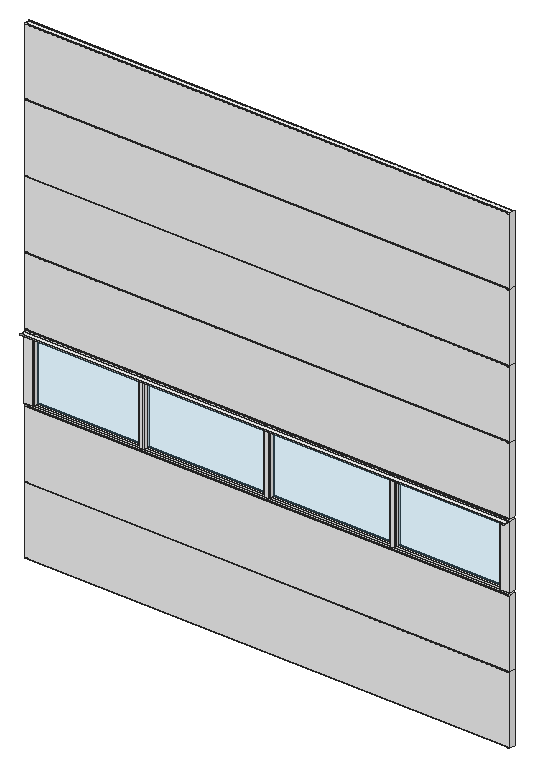
Revit family (continued)
Definition of nested family "Full Vision Section"
  Dimensions and locks (in)
    locked: Extrusion 5 sketch curve to Extrusion 5 sketch curve at 0.12598
    locked: Extrusion 5 sketch curve to Extrusion 5 sketch curve at 0.25
    locked: Extrusion 5 sketch curve to Extrusion 5 sketch curve at 1
    locked: Extrusion 5 sketch curve to Extrusion 5 sketch curve at 0.12327
    locked: Extrusion 5 sketch curve to Extrusion 5 sketch curve at 0.49827
    locked: Extrusion 5 sketch curve to Extrusion 5 sketch curve at 0.5625
    locked: Extrusion 5 sketch curve to Extrusion 5 sketch curve at 2.12418
    "End Stile Face": Extrusion 5 sketch curve to Extrusion 5 sketch curve
    locked: Extrusion 5 sketch curve to Extrusion 5 sketch curve at 0.375
    locked: Extrusion 6 sketch curve to Extrusion 6 sketch curve at 0.09338
    locked: Extrusion 2 to Extrusion 6 sketch curve at 1.875
    "Edge to 1st Int Stile": plane 10 to plane 9
    "Edge to 1st Int Stile": plane 6 to plane 11
    "Half Door Width": plane 2 "Center (Left/Right)" to plane 9
    "Half Door Width": plane 6 to plane 2 "Center (Left/Right)"
    "Half Rail Width": plane 2 "Center (Left/Right)" to plane 8
    "Half Rail Width": plane 7 to plane 2 "Center (Left/Right)"
    locked: Extrusion 3 sketch curve to Extrusion 3 sketch curve at 0.25
    radius of Extrusion 2 sketch curve = 0' - 0.12427"
    radius of Extrusion 2 sketch curve = 0' - 0.12444"
    radius of Extrusion 1 sketch curve = 0' - 0.12517"
    radius of Extrusion 1 sketch curve = 0' - 0.12664"
    aligned and locked: Extrusion 1 sketch curve to Extrusion 1 sketch curve  (x3)
    aligned and locked: Extrusion 2 sketch curve to Extrusion 1  (x3)
    aligned and locked: Extrusion 1 to Extrusion 2 sketch curve  (x3)
    aligned and locked: Extrusion 2 sketch curve to Extrusion 2 sketch curve  (x3)
    aligned: Extrusion 3 sketch curve to Extrusion 2
    aligned: Extrusion 3 sketch curve to Extrusion 1
    aligned and locked: Extrusion 3 sketch curve to Extrusion 1
    aligned and locked: Extrusion 4 sketch curve to Extrusion 4 sketch curve  (x3)
    aligned and locked: Extrusion 4 sketch curve to Extrusion 2
    aligned and locked: Extrusion 5 sketch curve to Extrusion 5 sketch curve  (x3)
    aligned and locked: Extrusion 5 sketch curve to Extrusion 2
    aligned and locked: nested 1 to Extrusion 2  (x2)
    aligned and locked: Extrusion 4 to Extrusion 3
    aligned and locked: Extrusion 1 to Extrusion 4
    aligned and locked: Extrusion 6 sketch curve to Extrusion 4
    aligned and locked: Extrusion 6 sketch curve to Extrusion 2
    aligned and locked: plane 2 "Center (Left/Right)" to nested 1
    aligned and locked: nested 1 to plane 5
    aligned and locked: Extrusion 5 sketch curve to plane 6
    aligned and locked: Extrusion 4 sketch curve to plane 9
    aligned and locked: plane 11 to nested 2
    aligned and locked: Extrusion 4 to nested 2
    aligned and locked: nested 2 to Extrusion 1
    aligned and locked: Extrusion 3 sketch curve to Extrusion 4  (x2)
  Automatic sketch dimensions
    Extrusion 1 sketch curve to level = 0' - 0"
    Extrusion 1 sketch curve to plane 5 = 0' - 0"
    Extrusion 1 sketch curve to Extrusion 1 sketch curve = 0' - 0 3/16"
    Extrusion 2 sketch curve to plane 5 = 0' - 0.50146"
    level to Extrusion 2 sketch curve = 1' - 10 21/32"
    Extrusion 2 sketch curve to Extrusion 2 sketch curve = 0' - 0 1/2"
  Nested families (in)
    nested 1: "Int Stile for Single" at (0, -3.5, 0.84375), visible <- "SingleStileVis", type "Single"
      with Stile Height 1' - 10 5/16"
    nested 2: "902 Int Stile Array" at (0, -3.5, 0.84375), visible <- "ArrayStileVis", type "Array"
      with NumIntStiles 2
  Definition of nested family "Int Stile for Single"
    Parameters (values of type "Single")
      Stile Height = 1' - 8 5/32"
      Frame Material = none
      Assembly Code = ""
    Reference planes (in)
      plane 1 "Center (Front/Back)": y = 0
      plane 2: z = 0
      plane 3 "Center (Left/Right)": x = 0
      plane 4: z = 20.15625
    Forms (in)
      Extrusion 1, solid, material <- "Frame Material"
        sketch origin (0, 0, 0) x (1, 0, 0) y (0, 1, 0)
          loop
            line (-0.65625, 0) -> (-0.65625, -0.125) -> (-0.78125, -0.125) -> (-1.15625, -0.5) -> (-1.15625, -0.63751) -> (-0.65625, -0.63751) -> (-0.65625, -0.88751) -> (-1.15625, -0.88751) -> (-1.15625, -1.88751) -> (-0.65625, -1.88751) -> (-0.65625, -2.125) -> (0.65625, -2.125) -> (0.65625, -1.88751) -> (1.15625, -1.88751) -> (1.15625, -0.88751) -> (0.65625, -0.88751) -> (0.65625, -0.63751) -> (1.15625, -0.63751) -> (1.15625, -0.5) -> (0.78125, -0.125) -> (0.65625, -0.125) -> (0.65625, 0) -> (-0.65625, 0)
        from 0 to 20.15625 <- "Stile Height"
    Dimensions and locks (in)
      "Stile Height": level to plane 4
      locked: Extrusion 1 sketch curve to Extrusion 1 sketch curve at 1.3125
      locked: Extrusion 1 sketch curve to Extrusion 1 sketch curve at 0.5  (x2)
      locked: Extrusion 1 sketch curve to plane 3 "Center (Left/Right)" at 1.15625
      locked: Extrusion 1 sketch curve to Extrusion 1 sketch curve at 2.125
      locked: Extrusion 1 sketch curve to Extrusion 1 sketch curve at 0.25
      locked: Extrusion 1 sketch curve to Extrusion 1 sketch curve at 1
      locked: Extrusion 1 sketch curve to Extrusion 1 sketch curve at 0.375  (x4)
      locked: Extrusion 1 sketch curve to Extrusion 1 sketch curve at 0.125  (x3)
      aligned and locked: plane 2 to level
      aligned and locked: Extrusion 1 sketch curve to Extrusion 1 sketch curve  (x8)
    Automatic sketch dimensions
      plane 1 "Center (Front/Back)" to Extrusion 1 sketch curve = 0' - 0"
      Extrusion 1 sketch curve to Extrusion 1 sketch curve = 0' - 0.23749"
  Definition of nested family "902 Int Stile Array"
    Parameters (values of type "Array")
      Stile Height = 1' - 10 5/16"
      NumIntStiles = 4
      IntStileCtrCtr = 3' - 8"
      Frame Material = none
      Assembly Code = ""
    Reference planes (in)
      plane 1 "Center (Front/Back)": y = 0
      plane 2: z = 0
      plane 3 "Center (Left/Right)": x = 0
      plane 4: z = 22.3125
      plane 5: x = 1.15625
      plane 6: x = -42.84375
    Forms (in)
      Extrusion 1, solid, material <- "Frame Material"
        sketch origin (0, 0, 0) x (1, 0, 0) y (0, 1, 0)
          loop
            line (-0.65625, 0) -> (-0.65625, -0.125) -> (-0.78125, -0.125) -> (-1.15625, -0.5) -> (-1.15625, -0.63751) -> (-0.65625, -0.63751) -> (-0.65625, -0.88751) -> (-1.15625, -0.88751) -> (-1.15625, -1.88751) -> (-0.65625, -1.88751) -> (-0.65625, -2.125) -> (0.65625, -2.125) -> (0.65625, -1.88751) -> (1.15625, -1.88751) -> (1.15625, -0.88751) -> (0.65625, -0.88751) -> (0.65625, -0.63751) -> (1.15625, -0.63751) -> (1.15625, -0.5) -> (0.78125, -0.125) -> (0.65625, -0.125) -> (0.65625, 0) -> (-0.65625, 0)
        from 0 to 22.3125 <- "Stile Height"
      Extrusion 2, solid, material <- "Frame Material"
        sketch origin (-44, 0, 0) x (1, 0, 0) y (0, 1, 0)
          loop
            line (-0.65625, 0) -> (-0.65625, -0.125) -> (-0.78125, -0.125) -> (-1.15625, -0.5) -> (-1.15625, -0.63751) -> (-0.65625, -0.63751) -> (-0.65625, -0.88751) -> (-1.15625, -0.88751) -> (-1.15625, -1.88751) -> (-0.65625, -1.88751) -> (-0.65625, -2.125) -> (0.65625, -2.125) -> (0.65625, -1.88751) -> (1.15625, -1.88751) -> (1.15625, -0.88751) -> (0.65625, -0.88751) -> (0.65625, -0.63751) -> (1.15625, -0.63751) -> (1.15625, -0.5) -> (0.78125, -0.125) -> (0.65625, -0.125) -> (0.65625, 0) -> (-0.65625, 0)
        from 0 to 22.3125 <- "Stile Height"
      Extrusion 3, solid, material <- "Frame Material"
        sketch origin (-88, 0, 0) x (1, 0, 0) y (0, 1, 0)
          loop
            line (-0.65625, 0) -> (-0.65625, -0.125) -> (-0.78125, -0.125) -> (-1.15625, -0.5) -> (-1.15625, -0.63751) -> (-0.65625, -0.63751) -> (-0.65625, -0.88751) -> (-1.15625, -0.88751) -> (-1.15625, -1.88751) -> (-0.65625, -1.88751) -> (-0.65625, -2.125) -> (0.65625, -2.125) -> (0.65625, -1.88751) -> (1.15625, -1.88751) -> (1.15625, -0.88751) -> (0.65625, -0.88751) -> (0.65625, -0.63751) -> (1.15625, -0.63751) -> (1.15625, -0.5) -> (0.78125, -0.125) -> (0.65625, -0.125) -> (0.65625, 0) -> (-0.65625, 0)
        from 0 to 22.3125 <- "Stile Height"
      Extrusion 4, solid, material <- "Frame Material"
        sketch origin (-132, 0, 0) x (1, 0, 0) y (0, 1, 0)
          loop
            line (-0.65625, 0) -> (-0.65625, -0.125) -> (-0.78125, -0.125) -> (-1.15625, -0.5) -> (-1.15625, -0.63751) -> (-0.65625, -0.63751) -> (-0.65625, -0.88751) -> (-1.15625, -0.88751) -> (-1.15625, -1.88751) -> (-0.65625, -1.88751) -> (-0.65625, -2.125) -> (0.65625, -2.125) -> (0.65625, -1.88751) -> (1.15625, -1.88751) -> (1.15625, -0.88751) -> (0.65625, -0.88751) -> (0.65625, -0.63751) -> (1.15625, -0.63751) -> (1.15625, -0.5) -> (0.78125, -0.125) -> (0.65625, -0.125) -> (0.65625, 0) -> (-0.65625, 0)
        from 0 to 22.3125 <- "Stile Height"
    Dimensions and locks (in)
      "Stile Height": level to plane 4
      locked: Extrusion 1 sketch curve to Extrusion 1 sketch curve at 1.3125
      locked: Extrusion 1 sketch curve to Extrusion 1 sketch curve at 0.5  (x2)
      locked: Extrusion 1 sketch curve to Extrusion 1 sketch curve at 2.125
      locked: Extrusion 1 sketch curve to Extrusion 1 sketch curve at 0.25
      locked: Extrusion 1 sketch curve to Extrusion 1 sketch curve at 1
      locked: Extrusion 1 sketch curve to Extrusion 1 sketch curve at 0.375  (x4)
      locked: Extrusion 1 sketch curve to Extrusion 1 sketch curve at 0.125  (x3)
      locked: Extrusion 2 sketch curve to Extrusion 2 sketch curve at 1.3125
      locked: Extrusion 2 sketch curve to Extrusion 2 sketch curve at 0.5  (x2)
      locked: Extrusion 2 sketch curve to Extrusion 2 sketch curve at 2.125
      locked: Extrusion 2 sketch curve to Extrusion 2 sketch curve at 0.25
      locked: Extrusion 2 sketch curve to Extrusion 2 sketch curve at 1
      locked: Extrusion 2 sketch curve to Extrusion 2 sketch curve at 0.375  (x4)
      locked: Extrusion 2 sketch curve to Extrusion 2 sketch curve at 0.125  (x3)
      equal spacing: group 4, group 3, group 2, group 1
      equal spacing: group 1, group 2, group 3, group 4  (x2)
      "IntStileCtrCtr": plane 5 to plane 6
      locked: Extrusion 3 sketch curve to Extrusion 3 sketch curve at 1.3125
      locked: Extrusion 3 sketch curve to Extrusion 3 sketch curve at 0.5  (x2)
      locked: Extrusion 3 sketch curve to Extrusion 3 sketch curve at 2.125
      locked: Extrusion 3 sketch curve to Extrusion 3 sketch curve at 0.25
      locked: Extrusion 3 sketch curve to Extrusion 3 sketch curve at 1
      locked: Extrusion 3 sketch curve to Extrusion 3 sketch curve at 0.375  (x4)
      locked: Extrusion 3 sketch curve to Extrusion 3 sketch curve at 0.125  (x3)
      locked: Extrusion 4 sketch curve to Extrusion 4 sketch curve at 1.3125
      locked: Extrusion 4 sketch curve to Extrusion 4 sketch curve at 0.5  (x2)
      locked: Extrusion 4 sketch curve to Extrusion 4 sketch curve at 2.125
      locked: Extrusion 4 sketch curve to Extrusion 4 sketch curve at 0.25
      locked: Extrusion 4 sketch curve to Extrusion 4 sketch curve at 1
      locked: Extrusion 4 sketch curve to Extrusion 4 sketch curve at 0.375  (x4)
      locked: Extrusion 4 sketch curve to Extrusion 4 sketch curve at 0.125  (x3)
      aligned and locked: plane 2 to level
      aligned and locked: Extrusion 1 sketch curve to Extrusion 1 sketch curve  (x8)
      aligned and locked: Extrusion 2 sketch curve to Extrusion 2 sketch curve  (x8)
      aligned and locked: plane 5 to Extrusion 1
      aligned and locked: plane 6 to Extrusion 2
      aligned and locked: Extrusion 3 sketch curve to Extrusion 3 sketch curve  (x8)
      aligned and locked: Extrusion 4 sketch curve to Extrusion 4 sketch curve  (x8)
    Automatic sketch dimensions
      Extrusion 1 sketch curve to Extrusion 1 sketch curve = 0' - 0.23749"
      Extrusion 2 sketch curve to Extrusion 2 sketch curve = 0' - 0.23749"
      Extrusion 3 sketch curve to Extrusion 3 sketch curve = 0' - 0.23749"
      Extrusion 4 sketch curve to Extrusion 4 sketch curve = 0' - 0.23749"
